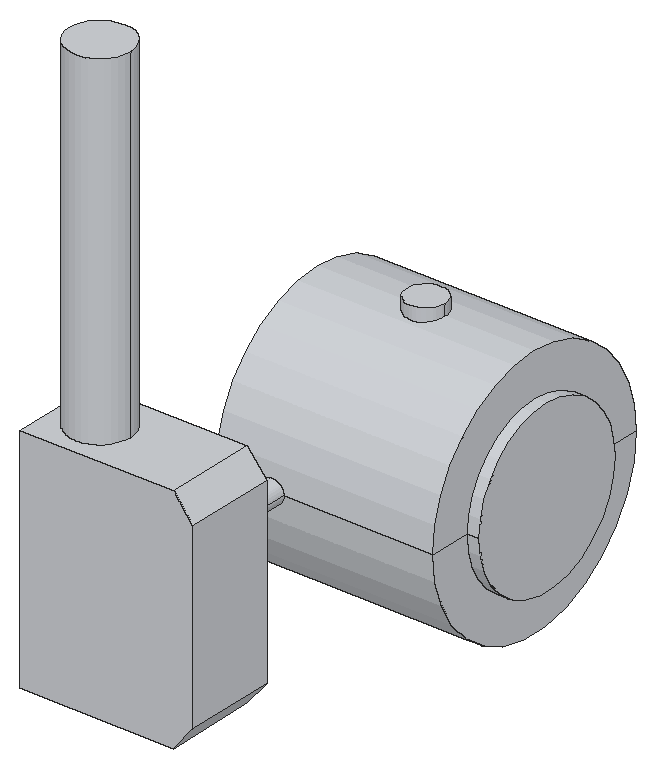
Revit family "549bee99849a48edb716d6c0dd22ece1", category Pipe Accessories, Revit 2021
Family settings
  Round Connector Dimension = Use Radius
  Part Type = Valve - Breaks Into
  OmniClass Number = 23.65.55.14.17
  OmniClass Title = Adjusting/Controlling Valves for Liquid Services
  Work Plane-Based = No
  Always vertical = Yes
  Cut with Voids When Loaded = No
  Shared = No
Parameters (values of type "6"")
  Weight = 0.00 lbm
  Valve Material = none
  Symbol Length = 0.5 * Valve Length * tan(30.00°)  # 4.54663"
  Stem Radius = Stem Diameter / 2  # 1 1/4"
  Stem Diameter = 2 1/2"
  Length 3 = Actuator Width / 2 - 1"  # 2"
  Length 2 = Stem Radius + 1"  # 2 1/4"
  Length 1 = Flange Radius  # 5 131/256"
  Default Elevation = 0"
  Actuator Y Offset = 21 3/4"
  Actuator Width = Actuator Height * 0.4  # 6"
  Actuator Height = if(Nominal Diameter < 10", 15", if(Nominal Diameter < 20", 24", 38"))  # 15"
  Flange Diameter = 11 3/128"
  Valve Depth = 9"
  Body Radius = Nominal Radius * 1.05 + 1/4"  # 3.4"
  Valve Height = 30"
  Nominal Radius = 3"
  Nominal Diameter = Nominal Radius * 2  # 6"
  K Coefficient = 7
  Actuator Length = Actuator Height * 0.75  # 11 1/4"
  Actuator Material = none
  Flange Thickness = 13/16"
  Flange Radius = Flange Diameter / 2  # 5 131/256"
  Bonnet Radius = Length 1 * 0.8  # 4.40938"
  Bonnet Height = Valve Height - 2 * Flange Thickness - 3" / 32 - 1/2"  # 27 25/32"
  Valve Length = 15 3/4"
  Belly Radius = 8 1/4"
Reference planes (in)
  plane 1 "Center (Front/Back)": y = 0
  plane 2: z = 0
  plane 3 "Center (Left/Right)": x = 0
  plane 4: x = -7.875
  plane 5: x = 7.875
  plane 6: x = -7.0625
  plane 7: x = 7.0625
  plane 8: y = 5.51172
  plane 9: y = -5.51172
  plane 10: z = -9
  plane 11: y = -4.54663
  plane 12: y = 4.54663
  plane 13: x = 2.25
  plane 14: x = 1.25
  plane 15: y = -21.75
  plane 16: y = -2.25
  plane 17: y = 3.4
  plane 18: z = 0.41558
  plane 19: z = 9
  plane 20: x = -3.4
  plane 21: y = -18.75
  plane 22: y = -15.75
  plane 23: z = 30
  plane 24: z = 7.5
  plane 25: z = -7.5
  plane 26: x = -9.025
  plane 27: x = 2.225
  plane 28: x = -6.2125
Forms (in)
  Extrusion 1, solid, material <- "Valve Material", detail levels fine
    sketch origin (0, 0, 0) x (0, 1, 0) y (0, 0, 1)
      loop
        circle (0, 0) r 5.51172
    from -7.875 to -7.0625
  Extrusion 2, solid, material <- "Valve Material", detail levels fine
    sketch origin (0, 0, 0) x (0, 1, 0) y (0, 0, 1)
      loop
        circle (0, 0) r 5.51172
    from 7.0625 to 7.875
  Extrusion 3, solid, material <- "Valve Material", detail levels fine
    sketch origin (0, 0, 0) x (1, 0, 0) y (0, 1, 0)
      loop
        circle (0, 0) r 1.25
    from -9 to 9
  Revolve 4, solid, material <- "Valve Material", detail levels fine
    sketch origin (0, 0, 0) x (1, 0, 0) y (0, 1, 0)
      loop
        line (-7.0625, 8.25) -> (-7.0625, 0) -> (7.0625, 0) -> (7.0625, 8.25) -> (-7.0625, 8.25)
      axis (-7.0625, 0) -> (7.0625, 0)
    angle from 0 to 360
  Extrusion 5, solid, material <- "Valve Material", detail levels fine
    sketch origin (0, 0, 0) x (1, 0, 0) y (0, 0, 1)
      loop
        circle (-3.4, 0) r 0.75
    from 0 to 15.75
  Extrusion 6, solid, material <- "Actuator Material", detail levels fine
    sketch origin (-12.96046, -21.75, 48) x (-1, 0, 0) y (0, 0, 1)
      loop
        line (-3.93546, -40.5) -> (-13.93546, -40.5) -> (-15.18546, -42.075) -> (-15.18546, -53.925) -> (-13.93546, -55.5) -> (-3.93546, -55.5) -> (-3.93546, -40.5)
    from 0 to 6 <- "Actuator Width"
  Extrusion 7, solid, material <- "Actuator Material", detail levels fine
    sketch origin (0, 0, 0) x (1, 0, 0) y (0, 1, 0)
      loop
        circle (-6.2125, -18.75) r 2
    from 7.5 to 30
Cuts and joins
  joined: Extrusion 1, Extrusion 2
  joined: Extrusion 3, Revolve 4, Extrusion 5
Lines and regions (in)
  model lines, detail levels coarse+medium
    curve 1: line (-7.875, 4.54663, 0) -> (-7.875, -4.54663, 0)
    curve 2: line (7.875, 4.54663, 0) -> (7.875, -4.54663, 0)
    curve 3: line (7.875, -4.54663, 0) -> (-7.875, 4.54663, 0)
    curve 4: line (-7.875, -4.54663, 0) -> (7.875, 4.54663, 0)
Dimensions and locks (in)
  equal spacing: plane 8, plane 1 "Center (Front/Back)", plane 9
  "Flange Radius": plane 8 to plane 1 "Center (Front/Back)"
  equal spacing: plane 4, plane 3 "Center (Left/Right)", plane 5
  "Valve Length": plane 4 to plane 5
  "Flange Thickness": plane 4 to plane 6
  "Flange Thickness": plane 7 to plane 5
  "Valve Depth": plane 2 to plane 10
  "Symbol Length": plane 12 to plane 1 "Center (Front/Back)"
  "Symbol Length": plane 1 "Center (Front/Back)" to plane 11
  "Length 2": plane 3 "Center (Left/Right)" to plane 13
  "Actuator Y Offset": plane 1 "Center (Front/Back)" to plane 15
  locked: plane 14 to plane 13 at 1
  "Length 2": plane 1 "Center (Front/Back)" to plane 16
  "Body Radius": plane 17 to plane 1 "Center (Front/Back)"
  "Valve Depth": plane 19 to level
  "Body Radius": plane 20 to plane 3 "Center (Left/Right)"
  "Actuator Width": plane 22 to plane 15
  equal spacing: plane 22, plane 21, plane 15
  "Valve Height": plane 23 to level
  equal spacing: plane 24, level, plane 25
  "Actuator Height": plane 24 to plane 25
  equal spacing: plane 27, plane 20, plane 26
  "Actuator Length": plane 27 to plane 26
  equal spacing: plane 26, plane 28, plane 20
  "Stem Radius": plane 27 to Extrusion 6 sketch curve  (x2)
  "Belly Radius": Revolve 4 sketch curve to Revolve 4 sketch curve
  "Flange Radius": radius of Extrusion 1 sketch curve
  "Flange Radius": radius of Extrusion 2 sketch curve
  "Stem Radius": radius of Extrusion 3 sketch curve
  "Length 3": radius of Extrusion 7 sketch curve
  aligned and locked: plane 1 "Center (Front/Back)" to Extrusion 1 sketch curve
  aligned and locked: plane 2 to Extrusion 1 sketch curve
  aligned and locked: Extrusion 1 to plane 4
  aligned and locked: plane 6 to Extrusion 1
  aligned and locked: plane 1 "Center (Front/Back)" to Extrusion 2 sketch curve
  aligned and locked: plane 2 to Extrusion 2 sketch curve
  aligned and locked: plane 7 to Extrusion 2
  aligned and locked: plane 5 to Extrusion 2
  aligned and locked: cut or joined group of Extrusion 1, Extrusion 2 to plane 4
  aligned and locked: plane 5 to cut or joined group of Extrusion 1, Extrusion 2
  aligned and locked: plane 3 "Center (Left/Right)" to Extrusion 3 sketch curve
  aligned and locked: plane 1 "Center (Front/Back)" to Extrusion 3 sketch curve
  aligned and locked: Extrusion 3 to plane 10
  aligned and locked: curve 1 to plane 4
  aligned and locked: plane 11 to curve 1
  aligned and locked: plane 12 to curve 1
  aligned and locked: plane 12 to curve 2
  aligned and locked: plane 11 to curve 2
  aligned and locked: plane 1 "Center (Front/Back)" to Revolve 4 sketch curve
  aligned and locked: plane 20 to Extrusion 5 sketch curve
  aligned and locked: Extrusion 5 to plane 1 "Center (Front/Back)"
  aligned and locked: plane 19 to Extrusion 3
  aligned and locked: plane 26 to Extrusion 6 sketch curve
  aligned and locked: Extrusion 6 sketch curve to plane 27
  aligned and locked: Extrusion 6 sketch curve to plane 24
  aligned and locked: plane 25 to Extrusion 6 sketch curve
  aligned and locked: Extrusion 5 to plane 22
  aligned and locked: level to Extrusion 5 sketch curve
  aligned and locked: plane 28 to Extrusion 7 sketch curve
  aligned and locked: plane 21 to Extrusion 7 sketch curve
  aligned and locked: Extrusion 7 to plane 24
  aligned and locked: plane 23 to Extrusion 7
  aligned and locked: Revolve 4 sketch curve to Revolve 4 sketch curve
  aligned and locked: plane 6 to Revolve 4 sketch curve
  aligned and locked: Revolve 4 sketch curve to plane 7
Automatic sketch dimensions
  plane 25 to Extrusion 6 sketch curve = 1.575"
  Extrusion 6 sketch curve to plane 24 = 1.575"
  Revolve 4 sketch curve to plane 26 = 7.69261"
  plane 5 to Revolve 4 sketch curve = 8.78239"
  curve 4 to plane 5 = 0"
  radius of Extrusion 5 sketch curve = 3/4"
Connectors (in)
  piping at (-7.875, 0, 0), diameter 6, driven by "Nominal Radius"
    settings: on cut or joined group of Extrusion 1, Extrusion 2, index 1, connector inside diameter 2", connector length 0", flow factor 0, pipe flow 0 GPM, pressure drop 0.00 psi, fitting loss kfactor 0, connector angle 0.00°, fixture units 0, engagement length 0", angle of deflection 0.00°, flow configuration 0, flow direction 1, fitting loss method 2, system type 29, joint type 0, gender type 0, connector reference index 2, connector utility 0, adjustable connector no, is connector primary yes, connector description "In"
  piping at (7.875, 0, 0), diameter 6, driven by "K Coefficient", driven by "Nominal Radius"
    settings: on cut or joined group of Extrusion 1, Extrusion 2, index 2, connector inside diameter 2", connector length 0", flow factor 0, pipe flow 0 GPM, pressure drop 0.00 psi, fitting loss kfactor 7, connector angle 0.00°, fixture units 0, engagement length 0", angle of deflection 0.00°, flow configuration 0, flow direction 2, fitting loss method 2, system type 29, joint type 0, gender type 0, connector reference index 1, connector utility 0, adjustable connector no, is connector primary no, connector description "Out"
